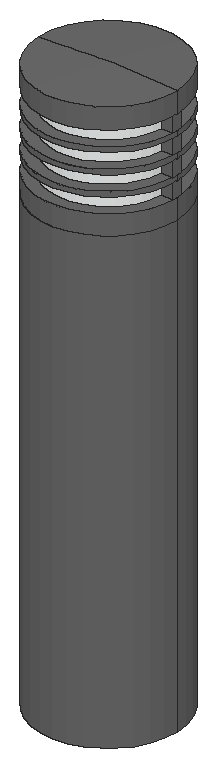
Revit family "99777_99624_HOST_GND", category Lighting Fixtures, host Floor, Revit 2015
Parameters (values of type "BEGA System Bollard")
  Wattage = 2.67938 W
  built-in parameter 1150110 = 1 (stored number, unit not read)
  URL = "www.bega-us.com"
  built-in parameter 1114217 = 1 (stored number, unit not read)
  Tilt Angle = 90.00°
  built-in parameter 1150109 = 1 (stored number, unit not read)
  built-in parameter 1150134 = (empty or 0)
  Telephone = "805.684.0533"
  built-in parameter 1150113 = 1 (stored number, unit not read)
  Photometric Web File = "99777.ies"
  Model = "99777+99624"
  Manufacturer = "BEGA-US"
  built-in parameter 1150105 = 31.672 (stored number, unit not read)
  Lumens = 398 lm
  built-in parameter 1150115 = 1 (stored number, unit not read)
  built-in parameter 1150137 = (empty or 0)
  built-in parameter 1150139 = (empty or 0)
  built-in parameter 1150112 = 1 (stored number, unit not read)
  built-in parameter 1150114 = 1 (stored number, unit not read)
  Lamp = "29.4W LED"
  built-in parameter 1150132 = 2
  built-in parameter 1150102 = (empty or 0)
  built-in parameter 1150107 = 3000 (stored number, unit not read)
  built-in parameter 1150138 = (empty or 0)
  built-in parameter 1150106 = 0.31672 (stored number, unit not read)
  built-in parameter 1150104 = 13.8 (stored number, unit not read)
  Dimming Lamp Color Temperature Shift = <None>
  Description = "BEGA System Bollards - unshielded with safety guard"
  Color Filter = 16777215
  built-in parameter 1114218 = 1 (stored number, unit not read)
  built-in parameter 1150133 = 10 (stored number, unit not read)
Reference planes (in)
  plane 1 "Center (Front/Back)": y = 0
  plane 2: z = 0
  plane 3 "Center (Left/Right)": x = 0
Dimensions and locks (in)
  equal spacing: host sketch curve, plane 1 "Center (Front/Back)", host sketch curve
  equal spacing: host sketch curve, plane 3 "Center (Left/Right)", host sketch curve
  host sketch curve to host sketch curve = 10' - 0"  (x2)
  aligned and locked: level to plane 2
Nested families (in)
  nested 1: "99624_2015" at (0, 0, 0), type "99624_2015"
  nested 2: "99777_2015" at (0, 0, 34.5), type "99777_2015"
Connectors (in)
  electrical at (0, 0, 0)
    settings: on host floor, index 1, voltage 0 V, apparent load 0 VA, apparent load phase1 0 VA, apparent load phase2 0 VA, apparent load phase3 0 VA, power factor 1, load classification "Other", number of poles 1, system type 31, power factor state 1, is connector primary yes, connector utility no, sub classification motor no, connector description ""
Definition of nested family "99624_2015"
  Reference planes (in)
    plane 1 "Center (Front/Back)": y = 0
    plane 2: z = 0
    plane 3 "Center (Left/Right)": x = 0
  Forms (in)
    Revolve 1, solid
      sketch origin (0, 0, 0) x (1, 0, 0) y (0, 0, 1)
        loop
          line (0, 0) -> (5.1875, 0) -> (5.1875, 34.5) -> (4.9375, 34.5) -> (4.9375, 0.25) -> (0, 0.25) -> (0, 0)
        axis (0, 34.5) -> (0, 0)
      angle from 0 to 360
  Dimensions and locks (in)
    aligned and locked: plane 2 to level
Definition of nested family "99777_2015"
  Reference planes (in)
    plane 1 "Center (Front/Back)": y = 0
    plane 2: z = 0
    plane 3 "Center (Left/Right)": x = 0
  Forms (in)
    Revolve 1, solid
      sketch origin (0, 0, 0) x (1, 0, 0) y (0, 0, 1)
        loop
          line (0, 0) -> (5.1875, 0) -> (5.1875, 1.5) -> (4.3125, 1.5) -> (4.3125, 0.5) -> (0, 0.5) -> (0, 0)
        loop
          line (5.1875, 2.625) -> (5.1875, 3) -> (4.3125, 3) -> (4.3125, 2.625) -> (5.1875, 2.625)
        loop
          line (5.1875, 4.125) -> (5.1875, 4.5) -> (4.3125, 4.5) -> (4.3125, 4.125) -> (5.1875, 4.125)
        loop
          line (5.1875, 5.625) -> (5.1875, 6) -> (4.3125, 6) -> (4.3125, 5.625) -> (5.1875, 5.625)
        loop
          line (0, 7.875) -> (4.3125, 7.875) -> (4.3125, 7.125) -> (5.1875, 7.125) -> (5.1875, 8.69385) -> (0, 8.875) -> (0, 7.875)
        axis (0, 8.875) -> (0, 0)
      angle from 0 to 360
    Revolve 2, solid
      sketch origin (0, 0, 0) x (1, 0, 0) y (0, 0, 1)
        loop
          line (4.1875, 0.5) -> (4.1875, 7.875) -> (0, 7.875) -> (0, 7.625) -> (3.9375, 7.625) -> (3.9375, 0.5) -> (4.1875, 0.5)
        axis (0, 7.875) -> (0, 0.5)
      angle from 0 to 360
    Extrusion 3, solid
      sketch origin (0, 0, 0) x (1, 0, 0) y (0, 1, 0)
        loop
          arc (-5.17393, 0.375) -> (-5.1875, 0) -> (-5.17393, -0.375) r 5.1875
          line (-5.17393, -0.375) -> (-4.29616, -0.375)
          arc (-4.29616, -0.375) -> (-4.3125, 0) -> (-4.29616, 0.375) r 4.3125
          line (-4.29616, 0.375) -> (-5.17393, 0.375)
        loop
          arc (4.29616, 0.375) -> (4.3125, 0) -> (4.29616, -0.375) r 4.3125
          line (4.29616, -0.375) -> (5.17393, -0.375)
          arc (5.17393, -0.375) -> (5.1875, 0) -> (5.17393, 0.375) r 5.1875
          line (5.17393, 0.375) -> (4.29616, 0.375)
      from 1.5 to 7.125
  Cuts and joins
    joined: Revolve 1, Extrusion 3
  Lines and regions (in)
    model lines
      curve 1: line (5.1875, 0, 0) -> (5.1875, 0.375, 0)
      curve 2: line (-5.1875, 0, 0) -> (-5.1875, 0.375, 0)
  Dimensions and locks (in)
    aligned and locked: plane 2 to level
